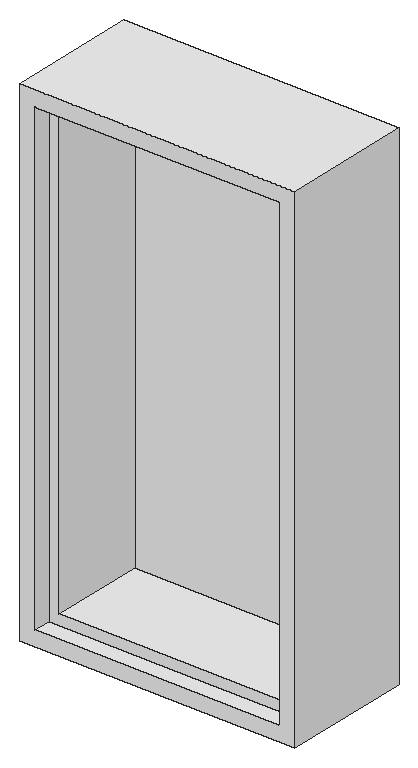
Revit family
Parameters (values of type "SD7")
  프레임 투영 외부. = 25 mm
  프레임 투영 내부. = 25 mm
  프레임 폭 = 75 mm
  Height = 1000 mm
  Wall Closure = (empty or 0)
  Width = 550 mm
  문 패널 = SD7 문 패널
  문 프레임 = SD7 문 프레임
  기본 씰 높이 = 900 mm
Types (3, lengths in mm): name | Height | 문 패널 | 문 프레임 | 기본 씰 높이
  (no name) | 1000 | SD7 문 패널 | SD7 문 프레임 | 900
  SD6 | 1800 | SD6 문 패널 | SD6 문 프레임 | 100
  SD7 | 1000 | SD7 문 패널 | SD7 문 프레임 | 900
Reference planes
  plane 1: y = 0
  plane 2 "중심(왼쪽/오른쪽)": x = 0
  plane 3 "왼쪽": x = -275
  plane 4 "오른쪽": x = 275
  plane 5 "외부": y = 100
  plane 6 "내부": y = -100
  plane 7: z = 900
  plane 8: z = 1900
  plane 9: y = 130
  plane 10: y = -130
  plane 11: x = 245
  plane 12: x = -245
  plane 13: x = -225
  plane 14: x = 225
  plane 15: y = 95
  plane 16: y = -95
  plane 17: z = 1870
  plane 18: z = 930
  plane 19: z = 1850
  plane 20: z = 950
  plane 21: z = 1400
  plane 22: x = 170.686
  plane 23: x = 200.686
  plane 24: x = 140.686
  plane 25: z = 1430
  plane 26: z = 1370
  plane 27: z = 1450
  plane 28: z = 1350
  plane 29: x = 220.686
  plane 30: x = 120.686
Forms (mm)
  Sweep 1, solid, material "SD7 문 프레임" <- "문 프레임"
    path origin (2625, 130, 1200) x (1, 0, 0) y (0, 0, 1)
      loop
        line (-2350, 700) -> (-2900, 700) -> (-2900, -300) -> (-2350, -300) -> (-2350, 700)
    profile origin (275, 130, 1400) x (-1, 0, 0) y (0, -1, 0)
      loop
        line (0, 0) -> (30, 0) -> (30, 35) -> (50, 35) -> (50, 225) -> (30, 225) -> (30, 260) -> (0, 260) -> (0, 0)
  Extrusion 2, solid, material "SD7 문 패널" <- "문 패널"
    sketch origin (0, 0, 0) x (1, 0, 0) y (0, 1, 0)
      loop
        line (-245, 130) -> (-245, 95) -> (245, 95) -> (245, 130) -> (-245, 130)
    from 930 to 1870
Lines and regions (mm)
  Opening 1
    outline origin (-5000, -100, 0) x (1, 0, 0) y (0, 0, 1)
      loop
        line (5275, 1900) -> (4725, 1900) -> (4725, 900) -> (5275, 900) -> (5275, 1900)
  symbolic lines
    curve 1: line (-245, 130, 0) -> (-245, 620, 0)
    curve 2: line (-245, 620, 0) -> (-210, 620, 0)
    curve 3: line (-210, 620, 0) -> (-210, 130, 0)
    curve 4: line (-210, 130, 0) -> (-245, 130, 0)
    curve 5: arc (-210, 620, 0) -> (114.07, 464.673, 0) -> (245, 130, 0) r 490
    curve 8: circle (170.686, 130, 1400) r 30 normal (0, -1, 0)
    curve 9: line (220.686, 130, 1400) -> (120.686, 130, 1400)
    curve 10: line (170.686, 130, 1355) -> (170.686, 130, 1445)
  symbolic lines, style "입면도 스윙"
    curve 6: line (245, 130, 1870) -> (-245, 130, 1400)
    curve 7: line (-245, 130, 1400) -> (245, 130, 930)
Text (mm)
  text "외부" at (-2295.016, 1099.543, 0), in view "참조 레벨"
  text "외부" at (0, 1615.38, 3698.081), in view "왼쪽"
  text "외부" at (0, 1036.032, 3874.932), in view "오른쪽"
Dimensions and locks
  equal spacing: plane 3 "왼쪽", plane 2 "중심(왼쪽/오른쪽)", plane 4 "오른쪽"
  "Width": plane 3 "왼쪽" to plane 4 "오른쪽"
  locked: plane 5 "외부" to host wall at 0
  locked: plane 6 "내부" to host wall
  "기본 씰 높이": level to plane 7
  "Height": plane 7 to plane 8
  plane 15 to plane 5 "외부" to plane 9 = 5 mm locked, 30 mm locked
  plane 16 to plane 6 "내부" to plane 10 = 5 mm locked, 30 mm locked
  plane 3 "왼쪽" to plane 12 to plane 13 = 30 mm locked, 20 mm locked
  plane 14 to plane 11 to plane 4 "오른쪽" = 20 mm locked, 30 mm locked
  plane 7 to plane 18 to plane 20 = 30 mm locked, 20 mm locked
  plane 19 to plane 17 to plane 8 = 20 mm locked, 30 mm locked
  equal spacing: plane 7, plane 21, plane 8
  Sweep 1 to plane 23 to plane 22 to plane 24 = 74.314 mm, 30 mm locked, 30 mm locked
  plane 26 to plane 21 to plane 25 = 30 mm locked, 30 mm locked
  plane 28 to plane 21 to plane 27 = 50 mm locked, 50 mm locked
  plane 30 to plane 22 to plane 29 = 50 mm locked, 50 mm locked
  aligned and locked: plane 1 to host wall
  aligned and locked: plane 4 "오른쪽" to Opening 1 sketch curve
  aligned and locked: plane 8 to Opening 1 sketch curve
  aligned and locked: plane 7 to Opening 1 sketch curve
  aligned and locked: plane 3 "왼쪽" to Opening 1 sketch curve
  aligned and locked: host wall to Sweep 1 sketch curve
  aligned and locked: Sweep 1 sketch curve to host wall  (x3)
  aligned and locked: Sweep 1 to Extrusion 2 sketch curve  (x2)
  aligned and locked: Extrusion 2 sketch curve to Sweep 1  (x2)
  aligned and locked: plane 17 to Extrusion 2
  aligned and locked: Extrusion 2 to plane 18
  aligned and locked: Sweep 1 to curve 5
  aligned and locked: plane 21 to curve 9
  aligned and locked: plane 4 "오른쪽" to Sweep 1 sketch curve
  aligned and locked: plane 30 to curve 9
  aligned and locked: plane 29 to curve 9
Automatic sketch dimensions
  Sweep 1 sketch curve to plane 9 = 0 mm
  Sweep 1 sketch curve to profile plane = 0 mm
  Sweep 1 sketch curve to profile plane = 30 mm  (x2)
  Sweep 1 sketch curve to Sweep 1 sketch curve = 20 mm
  plane 9 to Sweep 1 sketch curve = 35 mm
  Sweep 1 sketch curve to Sweep 1 sketch curve = 190 mm
  Sweep 1 sketch curve to Sweep 1 sketch curve = 35 mm
  curve 1 to plane 12 = 0 mm
  curve 4 to plane 9 = 0 mm
  curve 5 to plane 11 = 0 mm
  curve 5 to plane 12 = 0.002 mm
  curve 4 to plane 13 = 15 mm
  curve 5 to plane 9 = 1.251 mm
  curve 6 to plane 12 = 0 mm
  curve 10 to plane 22 = 0 mm
  curve 8 to plane 21 = 0 mm
  curve 8 to plane 22 = 0 mm
  curve 6 to plane 11 = 0 mm
  curve 7 to plane 11 = 0 mm
  curve 7 to plane 18 = 0 mm
  curve 7 to plane 21 = 0 mm
  curve 6 to plane 17 = 0 mm
  curve 10 to plane 26 = 15 mm
  plane 25 to curve 10 = 15 mm
  radius of curve 8 = 30 mm
